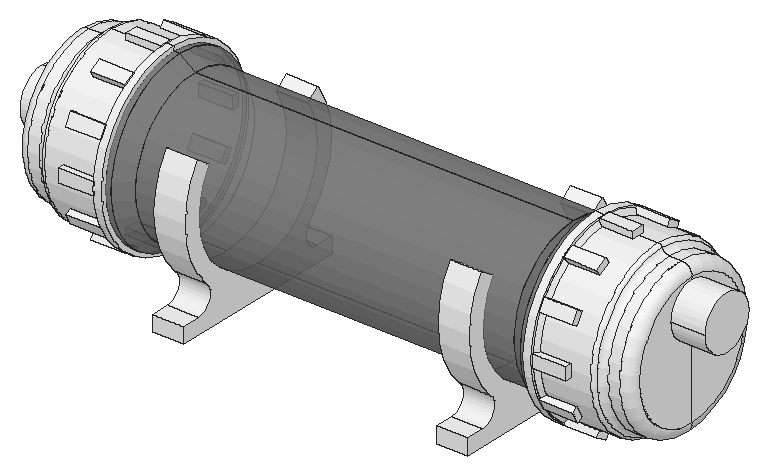
Revit family "Condensate_Neutralizers-Navien-Residential_Kit", category Mechanical Equipment, host Face, Revit 2016
Family settings
  Host = Face
  Part Type = Normal
  Round Connector Dimension = Use Diameter
  OmniClass Number = 23.45.55.21
  OmniClass Title = Drains (Wastes)
  Cut with Voids When Loaded = No
  Shared = No
  Room Calculation Point = No
Parameters (values of type "Residential Neutralizer - GXXX001322")
  Width = 13.75"  # constant formula
  Weight = 4.40 lbf  # constant formula
  Version = "2016 - v1.0.a"  # constant formula
  URL = "https://www.navieninc.com"
  Type Comments = "Replacement Media Part No.: GXXX001323"  # constant formula
  Product Page URL = "https://www.navieninc.com/accessories/all"
  Product Name = "Condensate Neutralizer"  # constant formula
  Product Documentation Link = "Contact Navien for Product Documentation"
  Outlet = 0.5"  # constant formula
  Model = "GXXX001322"  # constant formula
  Material = ""
  Manufacturer Phone Number = "(949) 420-0420"  # constant formula
  Manufacturer Fax Number = "(949) 420-0430"  # constant formula
  Manufacturer Address = "20 Goodyear, Irvine, CA 92618"  # constant formula
  Manufacturer = "Navien, Inc."  # constant formula
  Keynote = ""
  Installation Type = "Neutralizer (wall or \u001ffloor mounted). When mounting in the vertical position, ensure the outlet is at a higher elevation than the inlet. The preferred mounting method is in the horizontal position. Ensure that the condensate will flow freely from the appliance drain into the neutralizer then to the drain."  # constant formula
  Inlet = 0.5"  # constant formula
  Height = 3.63"  # constant formula
  Flow Rate Note = "Max Flow Rate: 1.6 gph (6.05 lph)"  # constant formula
  Flow Rate = 0.0060567 m³/h
  Finish = Plastic - Navien - White
  Description = "Neutralizer, Residential Kit, Single Unit"  # constant formula
  Depth = 3.96"  # constant formula
  Default Elevation = 48"
  Constraints = 6
  Copyright = "All contents copyright © Navien Inc."  # constant formula
  Assembly Code = ""
Reference planes (in)
  plane 1 "Center (Elevation)": y = 0
  plane 2: z = 0
  plane 3 "Center (Left/Right)": x = 0
  plane 4: z = 3.82177
  plane 5: z = 3.95506
Forms (in)
  Revolve 1, solid, material "Plastic - Navien - White", detail levels medium+fine
    sketch origin (0.23561, 0, 0) x (1, 0, 0) y (0, 0, 1)
      loop
        line (-7.11074, 2.1313) -> (5.93265, 2.1313) -> (5.93265, 3.44496)
        arc (5.93265, 3.44496) -> (5.86726, 3.60279) -> (5.70942, 3.66817) r 0.22321
        line (5.70942, 3.66817) -> (5.48174, 3.66817)
        arc (5.48174, 3.66817) -> (5.3956, 3.69502) -> (5.33997, 3.76606) r 0.1516
        arc (5.33997, 3.76606) -> (5.3066, 3.80657) -> (5.25637, 3.82177) r 0.09059
        line (5.25637, 3.82177) -> (4.23173, 3.82177) -> (4.17029, 3.92431) -> (4.17029, 3.95506) -> (4.00625, 3.95506) -> (4.00625, 3.86282) -> (3.8834, 3.86282) -> (3.56565, 3.62716) -> (-4.03687, 3.62716) -> (-4.34436, 3.86282) -> (-4.46721, 3.86282) -> (-4.46721, 3.95506) -> (-4.63125, 3.95506) -> (-4.63125, 3.92431) -> (-4.69269, 3.82177) -> (-5.71733, 3.82177)
        arc (-5.71733, 3.82177) -> (-5.76756, 3.80657) -> (-5.80093, 3.76606) r 0.09059
        arc (-5.80093, 3.76606) -> (-5.85656, 3.69502) -> (-5.9427, 3.66817) r 0.1516
        line (-5.9427, 3.66817) -> (-6.17038, 3.66817)
        arc (-6.17038, 3.66817) -> (-6.32822, 3.60279) -> (-6.3936, 3.44496) r 0.22321
        line (-6.3936, 3.44496) -> (-6.3936, 2.68462) -> (-7.11074, 2.68462) -> (-7.11074, 2.1313)
      axis (-7.11074, 2.1313) -> (5.93265, 2.1313)
    angle from 0 to 360
  Extrusion 2, solid, material "Plastic - Navien - White"
    sketch origin (0.23561, 0, 0) x (0, 1, 0) y (0, 0, 1)
      loop
        line (-1.48655, 0.31763) -> (-1.86489, 0.31763) -> (-1.86489, 0) -> (1.8443, 0) -> (1.8443, 0.31763) -> (1.48655, 0.31763)
        arc (1.48655, 0.31763) -> (1.21124, 0.50257) -> (1.27836, 0.82736) r 0.29738
        arc (1.27836, 0.82736) -> (1.81697, 1.94947) -> (1.51139, 3.15606) r 1.82605
        line (1.51139, 3.15606) -> (1.24153, 2.97308)
        arc (1.24153, 2.97308) -> (0, 0.6313) -> (-1.24153, 2.97308) r 1.5
        line (-1.24153, 2.97308) -> (-1.51139, 3.15606)
        arc (-1.51139, 3.15606) -> (-1.81697, 1.94947) -> (-1.27836, 0.82736) r 1.82605
        arc (-1.27836, 0.82736) -> (-1.21124, 0.50257) -> (-1.48655, 0.31763) r 0.29738
    from -3.40168 to -2.77661
  Extrusion 3, solid, material "Plastic - Navien - White"
    sketch origin (-0.23561, 0, 0) x (0, 1, 0) y (0, 0, -1)
      loop
        arc (-1.48655, -0.31763) -> (-1.21124, -0.50257) -> (-1.27836, -0.82736) r 0.29738
        arc (-1.27836, -0.82736) -> (-1.81697, -1.94947) -> (-1.51139, -3.15606) r 1.82605
        line (-1.51139, -3.15606) -> (-1.24153, -2.97308)
        arc (-1.24153, -2.97308) -> (0, -0.6313) -> (1.24153, -2.97308) r 1.5
        line (1.24153, -2.97308) -> (1.51139, -3.15606)
        arc (1.51139, -3.15606) -> (1.81697, -1.94947) -> (1.27836, -0.82736) r 1.82605
        arc (1.27836, -0.82736) -> (1.21124, -0.50257) -> (1.48655, -0.31763) r 0.29738
        line (1.48655, -0.31763) -> (1.8443, -0.31763) -> (1.8443, 0) -> (-1.86489, 0) -> (-1.86489, -0.31763) -> (-1.48655, -0.31763)
    from -3.40168 to -2.77661
  Extrusion 4, solid, material "Plastic - Navien - White"
    sketch origin (0, 0, 0) x (0, 1, 0) y (0, 0, 1)
      loop
        circle (0, 2.87914) r 0.53853
    from 6.16826 to 6.87512
  Extrusion 5, solid, material "Plastic - Navien - White", detail levels fine
    sketch origin (0, 0, 0) x (0, 1, 0) y (0, 0, 1)
      loop
        line (-0.13323, 3.82177) -> (0.12291, 3.82177) -> (0.12291, 3.95091)
        arc (0.12291, 3.95091) -> (-0.00517, 3.95505) -> (-0.13323, 3.95019) r 1.82376
        line (-0.13323, 3.95019) -> (-0.13323, 3.82177)
      loop
        line (-1.69048, 1.99806) -> (-1.69048, 2.25421) -> (-1.81962, 2.25421)
        arc (-1.81962, 2.25421) -> (-1.82376, 2.12612) -> (-1.81889, 1.99806) r 1.82376
        line (-1.81889, 1.99806) -> (-1.69048, 1.99806)
      loop
        line (-0.96062, 3.52867) -> (-0.73879, 3.65675) -> (-0.80337, 3.76859)
        arc (-0.80337, 3.76859) -> (-0.91636, 3.70813) -> (-1.02483, 3.63988) r 1.82376
        line (-1.02483, 3.63988) -> (-0.96062, 3.52867)
      loop
        line (-1.53061, 2.86115) -> (-1.40254, 3.08298) -> (-1.51438, 3.14755)
        arc (-1.51438, 3.14755) -> (-1.58201, 3.03869) -> (-1.64182, 2.92536) r 1.82376
        line (-1.64182, 2.92536) -> (-1.53061, 2.86115)
      loop
        line (-0.13323, 0.44082) -> (-0.13323, 0.3124)
        arc (-0.13323, 0.3124) -> (-0.00517, 0.30754) -> (0.12291, 0.31168) r 1.82376
        line (0.12291, 0.31168) -> (0.12291, 0.44082) -> (-0.13323, 0.44082)
      loop
        line (-0.96062, 0.73392) -> (-1.02483, 0.62271)
        arc (-1.02483, 0.62271) -> (-0.91636, 0.55446) -> (-0.80337, 0.494) r 1.82376
        line (-0.80337, 0.494) -> (-0.73879, 0.60585) -> (-0.96062, 0.73392)
      loop
        line (-1.53061, 1.40144) -> (-1.64182, 1.33723)
        arc (-1.64182, 1.33723) -> (-1.58201, 1.2239) -> (-1.51438, 1.11504) r 1.82376
        line (-1.51438, 1.11504) -> (-1.40254, 1.17961) -> (-1.53061, 1.40144)
      loop
        line (1.69048, 1.99806) -> (1.81889, 1.99806)
        arc (1.81889, 1.99806) -> (1.82376, 2.12612) -> (1.81962, 2.25421) r 1.82376
        line (1.81962, 2.25421) -> (1.69048, 2.25421) -> (1.69048, 1.99806)
      loop
        line (0.96062, 3.52867) -> (1.02483, 3.63988)
        arc (1.02483, 3.63988) -> (0.91636, 3.70813) -> (0.80337, 3.76859) r 1.82376
        line (0.80337, 3.76859) -> (0.73879, 3.65675) -> (0.96062, 3.52867)
      loop
        line (1.53061, 2.86115) -> (1.64182, 2.92536)
        arc (1.64182, 2.92536) -> (1.58201, 3.03869) -> (1.51438, 3.14755) r 1.82376
        line (1.51438, 3.14755) -> (1.40254, 3.08298) -> (1.53061, 2.86115)
      loop
        line (0.96062, 0.73392) -> (0.73879, 0.60585) -> (0.80337, 0.494)
        arc (0.80337, 0.494) -> (0.91636, 0.55446) -> (1.02483, 0.62271) r 1.82376
        line (1.02483, 0.62271) -> (0.96062, 0.73392)
      loop
        line (1.53061, 1.40144) -> (1.40254, 1.17961) -> (1.51438, 1.11504)
        arc (1.51438, 1.11504) -> (1.58201, 1.2239) -> (1.64182, 1.33723) r 1.82376
        line (1.64182, 1.33723) -> (1.53061, 1.40144)
    from 4.4059 to 5.09239
  Extrusion 6, solid, material "Plastic - Navien - White", detail levels fine
    sketch origin (0, 0, 0) x (0, 1, 0) y (0, 0, -1)
      loop
        line (-0.13323, -3.82177) -> (-0.13323, -3.95019)
        arc (-0.13323, -3.95019) -> (-0.00517, -3.95505) -> (0.12291, -3.95091) r 1.82376
        line (0.12291, -3.95091) -> (0.12291, -3.82177) -> (-0.13323, -3.82177)
      loop
        line (-1.69048, -1.99806) -> (-1.81889, -1.99806)
        arc (-1.81889, -1.99806) -> (-1.82376, -2.12612) -> (-1.81962, -2.25421) r 1.82376
        line (-1.81962, -2.25421) -> (-1.69048, -2.25421) -> (-1.69048, -1.99806)
      loop
        line (-0.96062, -3.52867) -> (-1.02483, -3.63988)
        arc (-1.02483, -3.63988) -> (-0.91636, -3.70813) -> (-0.80337, -3.76859) r 1.82376
        line (-0.80337, -3.76859) -> (-0.73879, -3.65675) -> (-0.96062, -3.52867)
      loop
        line (-1.53061, -2.86115) -> (-1.64182, -2.92536)
        arc (-1.64182, -2.92536) -> (-1.58201, -3.03869) -> (-1.51438, -3.14755) r 1.82376
        line (-1.51438, -3.14755) -> (-1.40254, -3.08298) -> (-1.53061, -2.86115)
      loop
        line (-0.13323, -0.44082) -> (0.12291, -0.44082) -> (0.12291, -0.31168)
        arc (0.12291, -0.31168) -> (-0.00517, -0.30754) -> (-0.13323, -0.3124) r 1.82376
        line (-0.13323, -0.3124) -> (-0.13323, -0.44082)
      loop
        line (-0.96062, -0.73392) -> (-0.73879, -0.60585) -> (-0.80337, -0.494)
        arc (-0.80337, -0.494) -> (-0.91636, -0.55446) -> (-1.02483, -0.62271) r 1.82376
        line (-1.02483, -0.62271) -> (-0.96062, -0.73392)
      loop
        line (-1.53061, -1.40144) -> (-1.40254, -1.17961) -> (-1.51438, -1.11504)
        arc (-1.51438, -1.11504) -> (-1.58201, -1.2239) -> (-1.64182, -1.33723) r 1.82376
        line (-1.64182, -1.33723) -> (-1.53061, -1.40144)
      loop
        line (1.69048, -1.99806) -> (1.69048, -2.25421) -> (1.81962, -2.25421)
        arc (1.81962, -2.25421) -> (1.82376, -2.12612) -> (1.81889, -1.99806) r 1.82376
        line (1.81889, -1.99806) -> (1.69048, -1.99806)
      loop
        line (0.96062, -3.52867) -> (0.73879, -3.65675) -> (0.80337, -3.76859)
        arc (0.80337, -3.76859) -> (0.91636, -3.70813) -> (1.02483, -3.63988) r 1.82376
        line (1.02483, -3.63988) -> (0.96062, -3.52867)
      loop
        line (1.53061, -2.86115) -> (1.40254, -3.08298) -> (1.51438, -3.14755)
        arc (1.51438, -3.14755) -> (1.58201, -3.03869) -> (1.64182, -2.92536) r 1.82376
        line (1.64182, -2.92536) -> (1.53061, -2.86115)
      loop
        line (0.96062, -0.73392) -> (1.02483, -0.62271)
        arc (1.02483, -0.62271) -> (0.91636, -0.55446) -> (0.80337, -0.494) r 1.82376
        line (0.80337, -0.494) -> (0.73879, -0.60585) -> (0.96062, -0.73392)
      loop
        line (1.53061, -1.40144) -> (1.64182, -1.33723)
        arc (1.64182, -1.33723) -> (1.58201, -1.2239) -> (1.51438, -1.11504) r 1.82376
        line (1.51438, -1.11504) -> (1.40254, -1.17961) -> (1.53061, -1.40144)
    from 4.39564 to 5.08207
  Revolve 7, solid, material "Plastic - Navien - White", detail levels coarse
    sketch origin (0.23561, 0, 0) x (1, 0, 0) y (0, 0, 1)
      loop
        line (-7.11074, 2.1313) -> (5.93265, 2.1313) -> (5.93265, 3.95506) -> (4.00625, 3.95506) -> (4.00625, 3.86282) -> (3.56565, 3.86282) -> (3.56565, 3.62716) -> (-4.03687, 3.62716) -> (-4.03687, 3.86282) -> (-4.46721, 3.86282) -> (-4.46721, 3.95506) -> (-6.3936, 3.95506) -> (-6.3936, 2.68462) -> (-7.11074, 2.68462) -> (-7.11074, 2.1313)
      axis (-7.11074, 2.1313) -> (5.93265, 2.1313)
    angle from 0 to 360
Lines and regions (in)
  model lines, style "InvisibleLines"
    curve 1: line (-3.80126, 0, 3.25) -> (3.80126, 0, 3.25)
Dimensions and locks (in)
  locked: host sketch curve to plane 3 "Center (Left/Right)" at 24.1875  (x20)
  locked: host sketch curve to plane 1 "Center (Elevation)" at 22  (x20)
  locked: Revolve 1 to plane 3 "Center (Left/Right)" at 6.16826  (x4)
  locked: Revolve 1 to plane 3 "Center (Left/Right)" at 4.4059  (x4)
  locked: Revolve 1 to plane 3 "Center (Left/Right)" at 4.24187  (x4)
  locked: Revolve 1 to plane 3 "Center (Left/Right)" at 4.2316  (x4)
  locked: Revolve 1 to plane 3 "Center (Left/Right)" at 4.39564  (x4)
  locked: Revolve 1 to plane 3 "Center (Left/Right)" at 6.15799  (x4)
  locked: Revolve 1 to plane 3 "Center (Left/Right)" at 6.87513  (x4)
  locked: Revolve 1 sketch curve to plane 3 "Center (Left/Right)" at 6.16826  (x8)
  locked: Revolve 1 sketch curve to plane 3 "Center (Left/Right)" at 5.94503  (x4)
  locked: Revolve 1 sketch curve to plane 3 "Center (Left/Right)" at 6.16825  (x2)
  locked: Revolve 1 sketch curve to plane 3 "Center (Left/Right)" at 5.71735  (x4)
  locked: Revolve 1 sketch curve to plane 3 "Center (Left/Right)" at 5.57558  (x4)
  locked: Revolve 1 sketch curve to plane 3 "Center (Left/Right)" at 5.49198  (x4)
  locked: Revolve 1 sketch curve to plane 3 "Center (Left/Right)" at 4.46734  (x4)
  locked: Revolve 1 sketch curve to plane 3 "Center (Left/Right)" at 4.4059  (x10)
  locked: Revolve 1 sketch curve to plane 3 "Center (Left/Right)" at 4.24187  (x10)
  locked: Revolve 1 sketch curve to plane 3 "Center (Left/Right)" at 4.11901  (x4)
  locked: Revolve 1 sketch curve to plane 3 "Center (Left/Right)" at 3.80126  (x8)
  locked: Revolve 1 sketch curve to plane 3 "Center (Left/Right)" at 4.10875  (x4)
  locked: Revolve 1 sketch curve to plane 3 "Center (Left/Right)" at 4.2316  (x10)
  locked: Revolve 1 sketch curve to plane 3 "Center (Left/Right)" at 4.39564  (x10)
  locked: Revolve 1 sketch curve to plane 3 "Center (Left/Right)" at 4.45708  (x4)
  locked: Revolve 1 sketch curve to plane 3 "Center (Left/Right)" at 5.48172  (x4)
  locked: Revolve 1 sketch curve to plane 3 "Center (Left/Right)" at 5.56532  (x4)
  locked: Revolve 1 sketch curve to plane 3 "Center (Left/Right)" at 5.70709  (x4)
  locked: Revolve 1 sketch curve to plane 3 "Center (Left/Right)" at 5.93477  (x4)
  locked: Revolve 1 sketch curve to plane 3 "Center (Left/Right)" at 6.15799  (x10)
  locked: Revolve 1 sketch curve to plane 3 "Center (Left/Right)" at 6.87513  (x10)
  locked: Revolve 1 sketch curve to plane 3 "Center (Left/Right)" at 11.55126  (x2)
  locked: Revolve 1 sketch curve to plane 3 "Center (Left/Right)" at 23.69874  (x2)
  locked: Revolve 1 sketch curve to plane 3 "Center (Left/Right)" at 5.72182
  locked: Revolve 1 sketch curve to plane 3 "Center (Left/Right)" at 5.56575
  locked: Revolve 1 sketch curve to plane 3 "Center (Left/Right)" at 5.40139
  locked: Revolve 1 sketch curve to plane 3 "Center (Left/Right)" at 5.39112
  locked: Revolve 1 sketch curve to plane 3 "Center (Left/Right)" at 5.55549
  locked: Revolve 1 sketch curve to plane 3 "Center (Left/Right)" at 5.71156
  locked: Revolve 1 sketch curve to level at 2.1313  (x16)
  locked: Revolve 1 sketch curve to level at 3.44496  (x8)
  locked: Revolve 1 sketch curve to level at 3.66817  (x22)
  locked: Revolve 1 sketch curve to level at 3.22174  (x2)
  locked: Revolve 1 sketch curve to level at 3.76606  (x8)
  locked: Revolve 1 sketch curve to level at 3.82177  (x20)
  locked: Revolve 1 sketch curve to level at 3.64059  (x2)
  locked: Revolve 1 sketch curve to level at 3.92431  (x8)
  locked: Revolve 1 sketch curve to level at 3.95506  (x20)
  locked: Revolve 1 sketch curve to level at 3.86282  (x20)
  locked: Revolve 1 sketch curve to level at 3.62716  (x10)
  locked: Revolve 1 sketch curve to level at 2.68462  (x10)
  locked: Extrusion 2 to plane 3 "Center (Left/Right)" at 2.541  (x2)
  locked: Extrusion 2 to plane 3 "Center (Left/Right)" at 3.16607  (x2)
  locked: Extrusion 2 sketch curve to plane 3 "Center (Left/Right)" at 0.23561  (x72)
  locked: Extrusion 2 to plane 1 "Center (Elevation)" at 1.86489  (x2)
  locked: Extrusion 2 to plane 1 "Center (Elevation)" at 1.8443  (x2)
  locked: Extrusion 2 sketch curve to plane 1 "Center (Elevation)" at 1.86489  (x10)
  locked: Extrusion 2 sketch curve to plane 1 "Center (Elevation)" at 1.8443  (x10)
  locked: Extrusion 2 sketch curve to plane 1 "Center (Elevation)" at 1.48655  (x8)
  locked: Extrusion 2 sketch curve to plane 1 "Center (Elevation)" at 1.27836  (x8)
  locked: Extrusion 2 sketch curve to plane 1 "Center (Elevation)" at 1.51139  (x8)
  locked: Extrusion 2 sketch curve to plane 1 "Center (Elevation)" at 1.24153  (x8)
  locked: Extrusion 2 to level at 0.31763  (x4)
  locked: Extrusion 2 sketch curve to level at 0.31763  (x22)
  locked: Extrusion 2 sketch curve to level at 0.82736  (x8)
  locked: Extrusion 2 sketch curve to level at 3.15606  (x8)
  locked: Extrusion 2 sketch curve to level at 2.97308  (x8)
  locked: Extrusion 2 sketch curve to plane 1 "Center (Elevation)" at 1.18917  (x2)
  locked: Extrusion 2 sketch curve to level at 0.30525  (x2)
  locked: Extrusion 2 sketch curve to level at 0.6313
  locked: Extrusion 3 to plane 3 "Center (Left/Right)" at 2.541  (x2)
  locked: Extrusion 3 to plane 3 "Center (Left/Right)" at 3.16607  (x2)
  locked: Extrusion 3 sketch curve to plane 3 "Center (Left/Right)" at 0.23561  (x72)
  locked: Extrusion 3 to plane 1 "Center (Elevation)" at 1.86489  (x2)
  locked: Extrusion 3 to plane 1 "Center (Elevation)" at 1.8443  (x2)
  locked: Extrusion 3 sketch curve to plane 1 "Center (Elevation)" at 1.86489  (x10)
  locked: Extrusion 3 sketch curve to plane 1 "Center (Elevation)" at 1.8443  (x10)
  locked: Extrusion 3 sketch curve to plane 1 "Center (Elevation)" at 1.48655  (x8)
  locked: Extrusion 3 sketch curve to plane 1 "Center (Elevation)" at 1.27836  (x8)
  locked: Extrusion 3 sketch curve to plane 1 "Center (Elevation)" at 1.51139  (x8)
  locked: Extrusion 3 sketch curve to plane 1 "Center (Elevation)" at 1.24153  (x8)
  locked: Extrusion 3 to level at 0.31763  (x4)
  locked: Extrusion 3 sketch curve to level at 0.31763  (x22)
  locked: Extrusion 3 sketch curve to level at 0.82736  (x8)
  locked: Extrusion 3 sketch curve to level at 3.15606  (x8)
  locked: Extrusion 3 sketch curve to level at 2.97308  (x8)
  locked: Extrusion 3 sketch curve to plane 1 "Center (Elevation)" at 1.18917  (x2)
  locked: Extrusion 3 sketch curve to level at 0.30525  (x2)
  locked: Extrusion 3 sketch curve to level at 0.6313
  locked: Extrusion 4 to plane 3 "Center (Left/Right)" at 6.87512  (x2)
  locked: Extrusion 4 to plane 3 "Center (Left/Right)" at 6.16826  (x2)
  locked: plane 1 "Center (Elevation)" to Extrusion 4 sketch curve at 0.53853  (x2)
  locked: Extrusion 4 sketch curve to level at 2.34062  (x2)
  locked: Extrusion 5 to plane 3 "Center (Left/Right)" at 5.09239  (x2)
  locked: Extrusion 5 to plane 3 "Center (Left/Right)" at 4.4059  (x2)
  locked: Extrusion 5 to plane 1 "Center (Elevation)" at 0.12291  (x4)
  locked: Extrusion 5 to plane 1 "Center (Elevation)" at 0.13323  (x4)
  locked: Extrusion 5 to plane 1 "Center (Elevation)" at 1.69048  (x4)
  locked: Extrusion 5 sketch curve to plane 1 "Center (Elevation)" at 0.12291  (x20)
  locked: Extrusion 5 sketch curve to plane 1 "Center (Elevation)" at 0.13323  (x20)
  locked: Extrusion 5 sketch curve to plane 1 "Center (Elevation)" at 1.69048  (x20)
  locked: Extrusion 5 sketch curve to plane 1 "Center (Elevation)" at 1.81962  (x8)
  locked: Extrusion 5 sketch curve to plane 1 "Center (Elevation)" at 1.81889  (x8)
  locked: Extrusion 5 sketch curve to plane 1 "Center (Elevation)" at 0.73879  (x16)
  locked: Extrusion 5 sketch curve to plane 1 "Center (Elevation)" at 0.80337  (x16)
  locked: Extrusion 5 sketch curve to plane 1 "Center (Elevation)" at 1.02483  (x16)
  locked: Extrusion 5 sketch curve to plane 1 "Center (Elevation)" at 0.96062  (x16)
  locked: Extrusion 5 sketch curve to plane 1 "Center (Elevation)" at 1.40254  (x16)
  locked: Extrusion 5 sketch curve to plane 1 "Center (Elevation)" at 1.51438  (x16)
  locked: Extrusion 5 sketch curve to plane 1 "Center (Elevation)" at 1.64182  (x16)
  locked: Extrusion 5 sketch curve to plane 1 "Center (Elevation)" at 1.53061  (x16)
  locked: Extrusion 5 to level at 3.82177  (x2)
  locked: Extrusion 5 to level at 2.25421  (x4)
  locked: Extrusion 5 to level at 1.99806  (x4)
  locked: Extrusion 5 to level at 0.44082  (x2)
  locked: Extrusion 5 sketch curve to level at 3.82177  (x10)
  locked: Extrusion 5 sketch curve to level at 3.95091  (x4)
  locked: Extrusion 5 sketch curve to level at 3.95019  (x4)
  locked: Extrusion 5 sketch curve to level at 2.25421  (x20)
  locked: Extrusion 5 sketch curve to level at 1.99806  (x20)
  locked: Extrusion 5 sketch curve to level at 3.65675  (x8)
  locked: Extrusion 5 sketch curve to level at 3.76859  (x8)
  locked: Extrusion 5 sketch curve to level at 3.63988  (x8)
  locked: Extrusion 5 sketch curve to level at 3.52867  (x8)
  locked: Extrusion 5 sketch curve to level at 3.08298  (x8)
  locked: Extrusion 5 sketch curve to level at 3.14755  (x8)
  locked: Extrusion 5 sketch curve to level at 2.92536  (x8)
  locked: Extrusion 5 sketch curve to level at 2.86115  (x8)
  locked: Extrusion 5 sketch curve to level at 0.44082  (x10)
  locked: Extrusion 5 sketch curve to level at 0.31168  (x4)
  locked: Extrusion 5 sketch curve to level at 0.3124  (x4)
  locked: Extrusion 5 sketch curve to level at 0.60585  (x8)
  locked: Extrusion 5 sketch curve to level at 0.494  (x8)
  locked: Extrusion 5 sketch curve to level at 0.62271  (x8)
  locked: Extrusion 5 sketch curve to level at 0.73392  (x8)
  locked: Extrusion 5 sketch curve to level at 1.17961  (x8)
  locked: Extrusion 5 sketch curve to level at 1.11504  (x8)
  locked: Extrusion 5 sketch curve to level at 1.33723  (x8)
  locked: Extrusion 5 sketch curve to level at 1.40144  (x8)
  locked: Extrusion 5 sketch curve to level at 0.30753  (x12)
  locked: Extrusion 6 to plane 3 "Center (Left/Right)" at 5.08207  (x2)
  locked: Extrusion 6 to plane 3 "Center (Left/Right)" at 4.39564  (x2)
  locked: Extrusion 6 to plane 1 "Center (Elevation)" at 0.12291  (x4)
  locked: Extrusion 6 to plane 1 "Center (Elevation)" at 0.13323  (x4)
  locked: Extrusion 6 to plane 1 "Center (Elevation)" at 1.69048  (x4)
  locked: Extrusion 6 sketch curve to plane 1 "Center (Elevation)" at 0.12291  (x20)
  locked: Extrusion 6 sketch curve to plane 1 "Center (Elevation)" at 0.13323  (x20)
  locked: Extrusion 6 sketch curve to plane 1 "Center (Elevation)" at 1.69048  (x20)
  locked: Extrusion 6 sketch curve to plane 1 "Center (Elevation)" at 1.81962  (x8)
  locked: Extrusion 6 sketch curve to plane 1 "Center (Elevation)" at 1.81889  (x8)
  locked: Extrusion 6 sketch curve to plane 1 "Center (Elevation)" at 0.73879  (x16)
  locked: Extrusion 6 sketch curve to plane 1 "Center (Elevation)" at 0.80337  (x16)
  locked: Extrusion 6 sketch curve to plane 1 "Center (Elevation)" at 1.02483  (x16)
  locked: Extrusion 6 sketch curve to plane 1 "Center (Elevation)" at 0.96062  (x16)
  locked: Extrusion 6 sketch curve to plane 1 "Center (Elevation)" at 1.40254  (x16)
  locked: Extrusion 6 sketch curve to plane 1 "Center (Elevation)" at 1.51438  (x16)
  locked: Extrusion 6 sketch curve to plane 1 "Center (Elevation)" at 1.64182  (x16)
  locked: Extrusion 6 sketch curve to plane 1 "Center (Elevation)" at 1.53061  (x16)
  locked: Extrusion 6 to level at 3.82177  (x2)
  locked: Extrusion 6 to level at 2.25421  (x4)
  locked: Extrusion 6 to level at 1.99806  (x4)
  locked: Extrusion 6 to level at 0.44082  (x2)
  locked: Extrusion 6 sketch curve to level at 3.82177  (x10)
  locked: Extrusion 6 sketch curve to level at 3.95091  (x4)
  locked: Extrusion 6 sketch curve to level at 3.95019  (x4)
  locked: Extrusion 6 sketch curve to level at 2.25421  (x20)
  locked: Extrusion 6 sketch curve to level at 1.99806  (x20)
  locked: Extrusion 6 sketch curve to level at 3.65675  (x8)
  locked: Extrusion 6 sketch curve to level at 3.76859  (x8)
  locked: Extrusion 6 sketch curve to level at 3.63988  (x8)
  locked: Extrusion 6 sketch curve to level at 3.52867  (x8)
  locked: Extrusion 6 sketch curve to level at 3.08298  (x8)
  locked: Extrusion 6 sketch curve to level at 3.14755  (x8)
  locked: Extrusion 6 sketch curve to level at 2.92536  (x8)
  locked: Extrusion 6 sketch curve to level at 2.86115  (x8)
  locked: Extrusion 6 sketch curve to level at 0.44082  (x10)
  locked: Extrusion 6 sketch curve to level at 0.31168  (x4)
  locked: Extrusion 6 sketch curve to level at 0.3124  (x4)
  locked: Extrusion 6 sketch curve to level at 0.60585  (x8)
  locked: Extrusion 6 sketch curve to level at 0.494  (x8)
  locked: Extrusion 6 sketch curve to level at 0.62271  (x8)
  locked: Extrusion 6 sketch curve to level at 0.73392  (x8)
  locked: Extrusion 6 sketch curve to level at 1.17961  (x8)
  locked: Extrusion 6 sketch curve to level at 1.11504  (x8)
  locked: Extrusion 6 sketch curve to level at 1.33723  (x8)
  locked: Extrusion 6 sketch curve to level at 1.40144  (x8)
  locked: Extrusion 6 sketch curve to level at 0.30753  (x12)
  locked: Revolve 7 to plane 3 "Center (Left/Right)" at 6.16826  (x4)
  locked: Revolve 7 to plane 3 "Center (Left/Right)" at 4.24187  (x4)
  locked: Revolve 7 to plane 3 "Center (Left/Right)" at 3.80126  (x8)
  locked: Revolve 7 to plane 3 "Center (Left/Right)" at 4.2316  (x4)
  locked: Revolve 7 to plane 3 "Center (Left/Right)" at 6.15799  (x4)
  locked: Revolve 7 to plane 3 "Center (Left/Right)" at 6.87513  (x4)
  locked: Revolve 7 sketch curve to plane 3 "Center (Left/Right)" at 6.16826  (x10)
  locked: Revolve 7 sketch curve to plane 3 "Center (Left/Right)" at 4.24187  (x10)
  locked: Revolve 7 sketch curve to plane 3 "Center (Left/Right)" at 3.80126  (x20)
  locked: Revolve 7 sketch curve to plane 3 "Center (Left/Right)" at 4.2316  (x10)
  locked: Revolve 7 sketch curve to plane 3 "Center (Left/Right)" at 6.15799  (x10)
  locked: Revolve 7 sketch curve to plane 3 "Center (Left/Right)" at 6.87513  (x10)
  locked: Revolve 7 sketch curve to plane 3 "Center (Left/Right)" at 11.55126  (x2)
  locked: Revolve 7 sketch curve to plane 3 "Center (Left/Right)" at 23.69874  (x2)
  locked: Revolve 7 sketch curve to level at 2.1313  (x16)
  locked: Revolve 7 sketch curve to level at 3.95506  (x20)
  locked: Revolve 7 sketch curve to level at 3.86282  (x20)
  locked: Revolve 7 sketch curve to level at 3.62716  (x10)
  locked: Revolve 7 sketch curve to level at 2.68462  (x10)
  aligned and locked: plane 2 to host face
  aligned and locked: level to host face
Connectors (in)
  piping at (-6.87513, 0, 2.1313), diameter 0.5, driven by "Inlet"
    settings: on Revolve 1, index 1, connector inside diameter 24", connector length 0", flow factor 0, pipe flow 0 m³/h, pressure drop 0.00 psi, fitting loss kfactor 0, connector angle 0.00°, fixture units 0, engagement length 0", angle of deflection 0.00°, flow configuration 0, flow direction 1, fitting loss method 0, system type 16, joint type 0, gender type 0, connector reference index -1, connector utility 0, adjustable connector no, is connector primary yes, connector description "Condensate Inlet"
  piping at (6.87512, 0, 2.87914), diameter 0.5, driven by "Outlet"
    settings: on Extrusion 4, index 2, connector inside diameter 24", connector length 0", flow factor 0, pipe flow 0 m³/h, pressure drop 0.00 psi, fitting loss kfactor 0, connector angle 0.00°, fixture units 0, engagement length 0", angle of deflection 0.00°, flow configuration 0, flow direction 2, fitting loss method 0, system type 16, joint type 0, gender type 0, connector reference index -1, connector utility 0, adjustable connector no, is connector primary no, connector description "Condensate Outlet"
